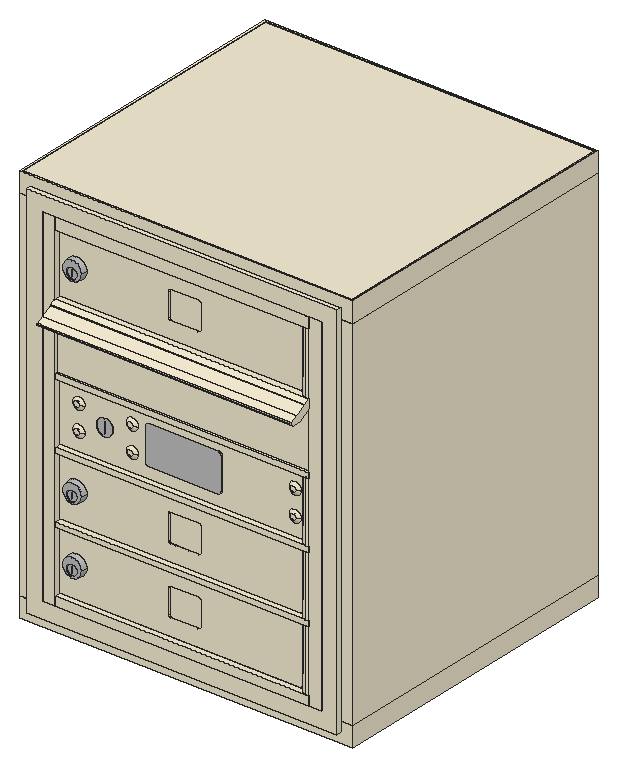
Revit family "Mailboxes_4C-Salsbury_Industries-Surface_Mounted-5_Door_High_Units", category Specialty Equipment, Revit 2016 (continued)
Definition of nested family "Mailboxes_4C-Salsbury_Industries-Front_Load-5_Door_High_Units"
  Definition of nested family "3700 Series 4C OM2 Configuration"
    Forms (in)
      Extrusion 12, solid, material <- "Lock Material"
        sketch origin (0, -0.12695, 0) x (-1, 0, 0) y (0, 0, 1)
          loop
            line (2.1595, 0.81469) -> (2.1595, 2.41625)
            arc (2.1595, 2.41625) -> (2.10115, 2.55712) -> (1.96028, 2.61547) r 0.19922
        from 0 to -0.03906
      Extrusion 13, solid, material <- "Front Panel Material"
        sketch origin (-2.13946, 0, 3.50047) x (-1, 0, 0) y (0, -1, 0)
          loop
            line (4.54804, -0.12695) -> (4.54804, 0.31995) -> (-8.82696, 0.31995) -> (-8.82696, -0.12695) -> (4.54804, -0.12695)
        from 0 to 3.0094
      Extrusion 14, void
        sketch origin (0, -0.31995, 0) x (0, 0, -1) y (-1, 0, 0)
          loop
            arc (-5.67087, 5.0005) -> (-6.04587, 5.3755) -> (-6.42087, 5.0005) r 0.375
            line (-6.42087, 5.0005) -> (-6.42087, -5.0005)
            arc (-6.42087, -5.0005) -> (-6.04587, -5.3755) -> (-5.67087, -5.0005) r 0.375
            line (-5.67087, -5.0005) -> (-5.67087, 5.0005)
        from 0 to 0.44691
      Extrusion 15, solid, material <- "Front Panel Material"
        sketch origin (0, 0, 0) x (0, 1, 0) y (0, 0, 1)
          loop
            line (0.12695, 6.50987) -> (0.12695, 7.00047) -> (-0.46995, 7.00047) -> (-0.75605, 6.83078) -> (-0.73973, 6.80251) -> (-1.27431, 6.49388) -> (-1.29063, 6.52214) -> (-1.61027, 6.3376)
            arc (-1.61027, 6.3376) -> (-1.63087, 6.31111) -> (-1.62714, 6.27777) r 0.04454
            line (-1.62714, 6.27777) -> (-1.5282, 6.17883)
            arc (-1.5282, 6.17883) -> (-1.4937, 6.16211) -> (-1.4558, 6.15637) r 0.12791
            line (-1.4558, 6.15637) -> (-1.10623, 6.15637) -> (-0.49395, 6.50987) -> (0.12695, 6.50987)
        from -6.6875 to 6.6875
    Cuts and joins
      Extrusion 3 cuts Extrusion 1
      Extrusion 5 cuts Extrusion 4
      Extrusion 14 cuts Extrusion 13
    Lines and regions (in)
      symbolic lines
        curve 1: circle (-5.7025, -0.12695, 2.27147) r 0.3125 normal (0, 1, 0)
        curve 2: circle (-5.7025, -0.12695, 0.95947) r 0.3125 normal (0, 1, 0)
        curve 3: circle (-2.8895, -0.12695, 0.95947) r 0.3125 normal (0, 1, 0)
        curve 4: circle (-2.8895, -0.12695, 2.27147) r 0.3125 normal (0, 1, 0)
        curve 5: circle (-4.3275, -0.12695, 1.61523) r 0.42913 normal (0, 1, 0)
        curve 6: circle (5.6875, -0.12695, 0.95947) r 0.3125 normal (0, 1, 0)
        curve 7: circle (5.6875, -0.12695, 2.27147) r 0.3125 normal (0, 1, 0)
        curve 8: arc (-2.1595, -0.12695, 2.41625) -> (-2.10115, -0.12695, 2.55712) -> (-1.96028, -0.12695, 2.61547) r 0.19922
        curve 9: arc (1.8405, -0.12695, 2.41625) -> (1.78215, -0.12695, 2.55712) -> (1.64128, -0.12695, 2.61547) r 0.19922
        curve 10: arc (1.8405, -0.12695, 0.81469) -> (1.78215, -0.12695, 0.67382) -> (1.64128, -0.12695, 0.61547) r 0.19922
        curve 11: arc (-1.96028, -0.12695, 0.61547) -> (-2.10115, -0.12695, 0.67382) -> (-2.1595, -0.12695, 0.81469) r 0.19922
        curve 12: line (-2.1595, -0.12695, 0.81469) -> (-2.1595, -0.12695, 2.41625)
        curve 13: line (-1.96028, -0.12695, 2.61547) -> (1.64128, -0.12695, 2.61547)
        curve 14: line (1.8405, -0.12695, 2.41625) -> (1.8405, -0.12695, 0.81469)
        curve 15: line (1.64128, -0.12695, 0.61547) -> (-1.96028, -0.12695, 0.61547)
    Dimensions and locks (in)
      equal spacing: plane 6 "Back Face of Door", plane 1 "Center (Front/Back)", plane 7 "Front Face of Door"
      "Door Depth": plane 6 "Back Face of Door" to plane 7 "Front Face of Door"
      equal spacing: plane 4 "Left Side Face of Door", plane 3 "Center (Left/Right)", plane 5 "Right Side Face of Door"
      "Door Width": plane 4 "Left Side Face of Door" to plane 5 "Right Side Face of Door"
      plane 8 to level = 3.23047"
      equal spacing: plane 8, plane 9, level
      locked: plane 7 "Front Face of Door" to plane 10 at 0.343
      "Center Lock-Vertical": plane 4 "Left Side Face of Door" to plane 11 "Center Lock Vertical"
      "Center Lock-Horizontal": plane 8 to plane 12 "Center Lock Horizontal"
      locked: plane 14 "Divider Height Align" to plane 8 at 0.27
      plane 4 "Left Side Face of Door" to plane 16 "Left Stud Align" to plane 17 "Right Stud Align" = 0.985", 2.813"
      plane 8 to plane 18 "Top Stud Align" to plane 19 "Bottom Stud Align" = 0.959", 1.312"
      plane 20 "Hinge Stud Align" to plane 5 "Right Side Face of Door" = 1.000"
      plane 8 to plane 21 "Mail Plate Top" to plane 22 "Mail Plate Bottom" = 0.615", 2.000"
      plane 4 "Left Side Face of Door" to plane 23 to plane 24 = 4.528", 4.000"
      plane 27 "Top of Mail Drop Divider" to plane 26 "Top of Mail Drop Door" to plane 14 "Divider Height Align" = 0.26953" locked, 3.23047"
      "Door Height": plane 27 "Top of Mail Drop Divider" to level
      plane 28 "Face of Mail Drop" to plane 10 = 0.150"
      locked: plane 27 "Top of Mail Drop Divider" to plane 29 "Top of Mail Slot" at 0.5796
      locked: plane 29 "Top of Mail Slot" to plane 30 "Bottom of Mail Slot" at 0.75
      locked: plane 4 "Left Side Face of Door" to plane 31 "Left Edge of Mail Slot" at 1.312
      locked: plane 32 "Right Edge of Mail Slot" to plane 5 "Right Side Face of Door" at 1.312
      locked: plane 33 "Mail Slot Bottom Protusion" to plane 29 "Top of Mail Slot" at 0.089
      plane 28 "Face of Mail Drop" to plane 34 = 0.174"
      plane 33 "Mail Slot Bottom Protusion" to plane 35 = 0.3535"
      plane 28 "Face of Mail Drop" to plane 36 "Front of Awning" = 1.315"
      plane 4 "Left Side Face of Door" to plane 5 "Right Side Face of Door" = 13.375"
      plane 6 "Back Face of Door" to plane 36 "Front of Awning" = 1.76191"
      "Access Lock Offset": plane 39 "Access Lock Offset" to plane 6 "Back Face of Door"
      aligned and locked: level to plane 2 "Bottom of Door"
      aligned and locked: plane 4 "Left Side Face of Door" to Extrusion 1
      aligned and locked: plane 6 "Back Face of Door" to Extrusion 1
      aligned and locked: plane 7 "Front Face of Door" to Extrusion 1
      aligned and locked: Extrusion 1 to level
      aligned and locked: plane 8 to Extrusion 1
      aligned and locked: Extrusion 2 sketch curve to plane 4 "Left Side Face of Door"
      aligned and locked: Extrusion 2 sketch curve to plane 6 "Back Face of Door"
      aligned and locked: plane 5 "Right Side Face of Door" to Extrusion 2 sketch curve
      aligned and locked: Extrusion 2 to plane 8
      aligned and locked: plane 10 to Extrusion 2 sketch curve
      aligned and locked: plane 14 "Divider Height Align" to Extrusion 2
      aligned and locked: plane 4 "Left Side Face of Door" to Extrusion 2
      aligned and locked: Extrusion 2 to plane 5 "Right Side Face of Door"
      aligned and locked: Extrusion 13 to plane 28 "Face of Mail Drop"
      aligned and locked: plane 29 "Top of Mail Slot" to Extrusion 14 sketch curve
      aligned and locked: cut or joined group of Extrusion 13, Extrusion 14 to cut or joined group of Extrusion 13, Extrusion 14
      aligned and locked: cut or joined group of Extrusion 1, Extrusion 3 to plane 2 "Bottom of Door"
    Automatic sketch dimensions
      Extrusion 1 sketch curve to plane 4 "Left Side Face of Door" = 0.000"
      Extrusion 1 sketch curve to plane 6 "Back Face of Door" = 0.000"
      Extrusion 1 sketch curve to plane 7 "Front Face of Door" = 0.000"
      Extrusion 1 sketch curve to plane 5 "Right Side Face of Door" = 0.000"
      Extrusion 1 sketch curve to plane 4 "Left Side Face of Door" = 0.252"
      Extrusion 1 sketch curve to plane 20 "Hinge Stud Align" = 0.36875"
      Extrusion 1 sketch curve to plane 25 "Face of Mail Plate" = 0.07029"
      plane 5 "Right Side Face of Door" to Extrusion 1 sketch curve = 0.195"
      Extrusion 1 sketch curve to plane 25 "Face of Mail Plate" = 0.10562"
      Extrusion 1 sketch curve to plane 13 "Face of Lock" = 0.07658"
      plane 1 "Center (Front/Back)" to Extrusion 1 sketch curve = 0.05445"
      Extrusion 1 sketch curve to plane 13 "Face of Lock" = 0.12063"
      Extrusion 5 sketch curve to plane 11 "Center Lock Vertical" = 0.0293"
      plane 11 "Center Lock Vertical" to Extrusion 5 sketch curve = 0.0293"
      Extrusion 5 sketch curve to plane 9 = 0.30959"
      plane 9 to Extrusion 5 sketch curve = 0.30959"
      plane 16 "Left Stud Align" to Blend 6 sketch curve = 0.000"  (x2)
      Blend 6 sketch curve to plane 18 "Top Stud Align" = 0.000"  (x2)
      plane 17 "Right Stud Align" to Blend 7 sketch curve = 0.000"  (x2)
      Blend 7 sketch curve to plane 18 "Top Stud Align" = 0.000"  (x2)
      plane 16 "Left Stud Align" to Blend 8 sketch curve = 0.000"  (x2)
      Blend 8 sketch curve to plane 19 "Bottom Stud Align" = 0.000"  (x2)
      plane 17 "Right Stud Align" to Blend 9 sketch curve = 0.000"  (x2)
      Blend 9 sketch curve to plane 19 "Bottom Stud Align" = 0.000"  (x2)
      Blend 10 sketch curve to plane 18 "Top Stud Align" = 0.000"  (x2)
      plane 20 "Hinge Stud Align" to Blend 10 sketch curve = 0.000"  (x2)
      Blend 11 sketch curve to plane 19 "Bottom Stud Align" = 0.000"  (x2)
      plane 20 "Hinge Stud Align" to Blend 11 sketch curve = 0.000"  (x2)
      plane 24 to Extrusion 12 sketch curve = 0.000"
      Extrusion 12 sketch curve to plane 22 "Mail Plate Bottom" = 0.000"
      Extrusion 12 sketch curve to plane 21 "Mail Plate Top" = 0.000"
      plane 23 to Extrusion 12 sketch curve = 0.000"
      plane 24 to Extrusion 12 sketch curve = 0.19922"  (x2)
      plane 18 "Top Stud Align" to Extrusion 12 sketch curve = 0.14478"
      Extrusion 12 sketch curve to plane 23 = 0.19922"
      Extrusion 13 sketch curve to plane 5 "Right Side Face of Door" = 0.000"
      Extrusion 13 sketch curve to plane 4 "Left Side Face of Door" = 0.000"
      Extrusion 13 sketch curve to plane 6 "Back Face of Door" = 0.000"
      Extrusion 13 sketch curve to plane 7 "Front Face of Door" = 0.193"
      Extrusion 14 sketch curve to plane 30 "Bottom of Mail Slot" = 0.000"
      plane 32 "Right Edge of Mail Slot" to Extrusion 14 sketch curve = 0.375"
      Extrusion 14 sketch curve to plane 31 "Left Edge of Mail Slot" = 0.375"
      Extrusion 15 sketch curve to plane 35 = 0.000"
      Extrusion 15 sketch curve to plane 33 "Mail Slot Bottom Protusion" = 0.000"
      Extrusion 15 sketch curve to plane 34 = 0.000"
      Extrusion 15 sketch curve to plane 27 "Top of Mail Drop Divider" = 0.000"
      Extrusion 15 sketch curve to plane 6 "Back Face of Door" = 0.000"
      plane 26 "Top of Mail Drop Door" to Extrusion 15 sketch curve = 0.07158"
      Extrusion 15 sketch curve to plane 34 = 0.24578"
      plane 26 "Top of Mail Drop Door" to Extrusion 15 sketch curve = 0.09984"
      Extrusion 15 sketch curve to Extrusion 15 sketch curve = 0.01632"
      plane 37 to Extrusion 15 sketch curve = 0.05062"
      Extrusion 15 sketch curve to plane 33 "Mail Slot Bottom Protusion" = 0.01599"
      plane 33 "Mail Slot Bottom Protusion" to Extrusion 15 sketch curve = 0.01227"
      plane 36 "Front of Awning" to Extrusion 15 sketch curve = 0.17915"
      plane 35 to Extrusion 15 sketch curve = 0.02246"
      Extrusion 15 sketch curve to Extrusion 15 sketch curve = 0.0724"
      plane 36 "Front of Awning" to Extrusion 15 sketch curve = 0.04696"
      plane 36 "Front of Awning" to Extrusion 15 sketch curve = 0.02469"
      plane 36 "Front of Awning" to Extrusion 15 sketch curve = 0.00781"
      Extrusion 15 sketch curve to Extrusion 15 sketch curve = 0.05983"
      Extrusion 4 sketch curve to plane 9 = 0.000"
      plane 11 "Center Lock Vertical" to Extrusion 4 sketch curve = 0.000"
      Extrusion 3 sketch curve to plane 9 = 0.000"
      plane 11 "Center Lock Vertical" to Extrusion 3 sketch curve = 0.000"
      curve 6 to plane 19 "Bottom Stud Align" = 0.000"
      plane 20 "Hinge Stud Align" to curve 6 = 0.000"
      curve 7 to plane 18 "Top Stud Align" = 0.000"
      plane 20 "Hinge Stud Align" to curve 7 = 0.000"
      plane 24 to curve 14 = 0.000"
      curve 9 to plane 21 "Mail Plate Top" = 0.000"
      curve 11 to plane 22 "Mail Plate Bottom" = 0.000"
      plane 23 to curve 12 = 0.000"
      plane 17 "Right Stud Align" to curve 4 = 0.000"
      plane 17 "Right Stud Align" to curve 3 = 0.000"
      curve 5 to plane 9 = 0.000"
      plane 11 "Center Lock Vertical" to curve 5 = 0.000"
      plane 16 "Left Stud Align" to curve 1 = 0.000"
      plane 16 "Left Stud Align" to curve 2 = 0.000"
      curve 2 to plane 19 "Bottom Stud Align" = 0.000"
      curve 3 to plane 19 "Bottom Stud Align" = 0.000"
      curve 1 to plane 18 "Top Stud Align" = 0.000"
      curve 4 to plane 18 "Top Stud Align" = 0.000"
      plane 18 "Top Stud Align" to curve 9 = 0.14478"
      curve 10 to plane 19 "Bottom Stud Align" = 0.14478"
      plane 18 "Top Stud Align" to curve 8 = 0.14478"
      curve 11 to plane 19 "Bottom Stud Align" = 0.14478"
      radius of Blend 6 sketch curve = 0.15665"
      radius of Blend 6 sketch curve = 0.3125"
      radius of Blend 7 sketch curve = 0.15665"
      radius of Blend 7 sketch curve = 0.3125"
      radius of Blend 8 sketch curve = 0.15665"
      radius of Blend 8 sketch curve = 0.3125"
      radius of Blend 9 sketch curve = 0.15665"
      radius of Blend 9 sketch curve = 0.3125"
      radius of Blend 10 sketch curve = 0.15665"
      radius of Blend 10 sketch curve = 0.3125"
      radius of Blend 11 sketch curve = 0.15665"
      radius of Blend 11 sketch curve = 0.3125"
      radius of Extrusion 4 sketch curve = 0.42913"
      radius of Extrusion 3 sketch curve = 0.4375"
      radius of curve 1 = 0.3125"
      radius of curve 2 = 0.3125"
      radius of curve 3 = 0.3125"
      radius of curve 4 = 0.3125"
      radius of curve 5 = 0.42913"
      radius of curve 6 = 0.3125"
      radius of curve 7 = 0.3125"
Types (7): name | Width | Model | Door Slot R5 Number | Door Slot R4 Number | Door Slot R1 Number | Door Slot L5 Number | Door Slot L4 Number | Door Slot L3 Number | Door Slot L2 Number | Door Slot L1 Number | Description | 4C Unit
  3805S-03 | 17.496" | "3805S-03" | "3" | "2" | "1" | "0" | "0" | "0" | "0" | "0" | "5 Door High Unit:  3 MB1, OM2" | Mailboxes_4C-Salsbury_Industries-Front_Load-5_Door_High_Units : 3705S-03 FL
  3805D-08 | 32.250" | "3805D-08" | "8" | "7" | "6" | "5" | "4" | "3" | "2" | "1" | "5 Door High Unit:  8 MB1, OM2" | Mailboxes_4C-Salsbury_Industries-Front_Load-5_Door_High_Units : 3705D-08 FL
  3805D-07 | 32.250" | "3805D-07" | "7" | "0" | "6" | "5" | "4" | "3" | "2" | "1" | "5 Door High Unit:  7 MB1, OM3" | Mailboxes_4C-Salsbury_Industries-Front_Load-5_Door_High_Units : 3705D-07 FL
  3805D-03 | 32.250" | "3805D-03" | "3" | "2" | "1" | "1P" | "0" | "0" | "0" | "0" | "5 Door High Unit:  3 MB1, 1 PL5, OM2" | Mailboxes_4C-Salsbury_Industries-Front_Load-5_Door_High_Units : 3705D-03 FL
  3805D-01 | 32.250" | "3805D-01" | "1" | "0" | "0" | "1P" | "0" | "0" | "0" | "0" | "5 Door High Unit:  1 MB3, 1 PL5, OM2" | Mailboxes_4C-Salsbury_Industries-Front_Load-5_Door_High_Units : 3705D-01 FL
  3805D-2P | 32.250" | "3805D-2P" | "2P" | "0" | "0" | "1P" | "0" | "0" | "0" | "0" | "5 Door High Unit:  2 PL5" | Mailboxes_4C-Salsbury_Industries-Front_Load-5_Door_High_Units : 3705D-2P FL
  3805S-1P | 17.496" | "3805S-1P" | "1P" | "0" | "0" | "0" | "0" | "0" | "0" | "0" | "5 Door High Unit:  1 PL5" | Mailboxes_4C-Salsbury_Industries-Front_Load-5_Door_High_Units : 3705S-1P FL
